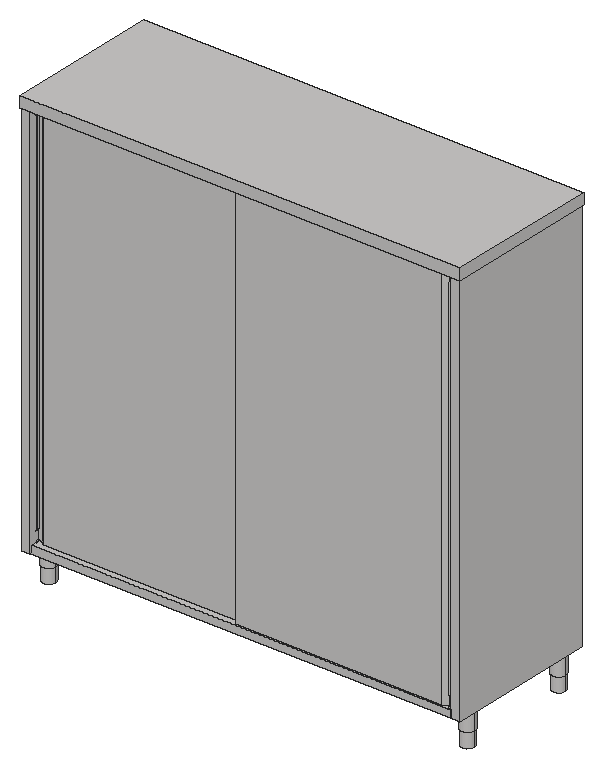
Revit family "QF_ZANUSSI_132802_MAS2000SPN", category Attrezzature speciali, Revit 2020
Family settings
  Quota connettore circolare = Usa diametro
  Tipo di parte = Normale
  Basato su piano di lavoro = No
  Sempre verticale = Sì
  Taglio con vuoti quando caricato = No
  Condiviso = No
  Punto di calcolo locali = No
Parameters (values of type "Standard")
  Weight = 140.00 kg
  Watts = 0 W
  Volts = 0 V
  URL Manufacturer = "http://www.zanussiprofessional.com"
  URL = "http://www.zanussiprofessional.com"
  Steam Supply Size = 0 mm
  Steam Supply Minimum Pressure = 0.0 Pa
  Steam Supply Maximum Pressure = 0.0 Pa
  Steam Consumption per Hour = 0
  Refrigeration Suction Line Size = 0.0 mm
  Refrigeration Liquid Line Size = 0.0 mm
  Refrigerant Compressor Remote = yes
  Prospetto di default = 0.0 mm
  Phase = 0
  Modello = "MAS2000SPN"
  Produttore = "Zanussi"
  Length Actual = 2000.0 mm  # constant formula
  Item Number = "132802"
  Hot Water Size = 0 mm
  Height Actual = 2000.0 mm  # constant formula
  HP = "0 HP"
  Gas Size = 0 mm
  Gas KW = 0
  Gas Input Pressure = 0 W
  Direct Waste Size = 0 mm
  Descrizione = "STORAGE CABINET+SHELVES+SLIDING D.2000MM"
  Depth Actual = 700.0 mm  # constant formula
  Cycle = 0 Hz
  Condensate Return Size = 0 mm
  Compressed Air Volume = 0.0 L/s
  Compressed Air Size = 0 mm
  Compressed Air Pressure = 0.0 Pa
  Cold Water Size = 0 mm
  Accessory = yes
Reference planes
  plane 1 "Center (Front/Back)": y = 0
  plane 2: z = 0
  plane 3 "Center (Left/Right)": x = -300
  plane 4 "LEFT": x = -1300
  plane 5 "RIGHT": x = 700
  plane 6 "BACK": y = 350
  plane 7 "FRONT": y = -350
  plane 8 "TOP": z = 2000
  plane 9: x = -1252
  plane 10: x = 652
  plane 11: y = 270
  plane 12: y = -247
  plane 13 "FEET": z = 150
  plane 14: x = -1254.5
  plane 15: y = -344.5
  plane 16: x = 654.5
  plane 17: x = -326.5
  plane 18: x = -273.5
  plane 19 "BaseTop": z = 1950
  plane 20: x = -1294.5
  plane 21: x = 694.5
  plane 22: y = 344.5
Forms (mm)
  Extrusion 1, solid, material "QF_Finishes_Stainless Steel"
    sketch origin (0, 0, 150) x (-1, 0, 0) y (0, -1, 0)
      loop
        line (1294.5, -350) -> (1294.5, 350) -> (1254.5, 350) -> (1254.5, -350) -> (1294.5, -350)
      loop
        line (-654.5, -350) -> (-654.5, 344.5) -> (-694.5, 344.5) -> (-694.5, -350) -> (-654.5, -350)
    from 0 to 1800
  Extrusion 2, solid, material "QF_Finishes_Stainless Steel"
    sketch origin (0, 0, 150) x (-1, 0, 0) y (0, -1, 0)
      loop
        line (1254.5, -347) -> (1254.5, 344.5) -> (-654.5, 344.5) -> (-654.5, -347) -> (1254.5, -347)
    from 0 to 35
  Extrusion 3, solid, material "QF_Finishes_Stainless Steel"
    sketch origin (33, 0, 150) x (-1, 0, 0) y (0, -1, 0)
      loop
        line (306.5, 324.5) -> (306.5, 304.5) -> (1285, 304.5) -> (1285, 319.071) -> (1277.942, 326.129) -> (1276.312, 324.5) -> (1283, 317.812) -> (1283, 309.5) -> (1266.034, 309.5) -> (1246.034, 324.5) -> (306.5, 324.5)
    from 1800 to 40
  Extrusion 4, void
    sketch origin (0, -350, 0) x (-1, 0, 0) y (0, 0, 1)
      loop
        line (1242.418, 247.973) -> (1242.418, 191.4) -> (1254.5, 191.4) -> (1254.5, 229.369) -> (1242.418, 247.973)
      loop
        line (1242.418, 1916.627) -> (1254.5, 1935.231) -> (1254.5, 1950) -> (1242.418, 1950) -> (1242.418, 1916.627)
    from 20.5 to 40.5
  Extrusion 5, solid, material "QF_Finishes_Stainless Steel"
    sketch origin (0, 0, 150) x (-1, 0, 0) y (0, -1, 0)
      loop
        line (-654.5, -350) -> (1254.5, -350) -> (1254.5, -327) -> (-654.5, -327) -> (-654.5, -350)
    from 1800 to 35
  Extrusion 6, solid, material "QF_Finishes_Stainless Steel"
    sketch origin (0, 0, 1950) x (-1, 0, 0) y (0, -1, 0)
      loop
        line (1300, 350) -> (-700, 350) -> (-700, -350) -> (1300, -350) -> (1300, 350)
    from 0 to 50
  Extrusion 7, solid, material "QF_Finishes_Stainless Steel"
    sketch origin (-633, 0, 150) x (1, 0, 0) y (0, 1, 0)
      loop
        line (306.5, -344.5) -> (1246.034, -344.5) -> (1266.034, -329.5) -> (1283, -329.5) -> (1283, -337.812) -> (1276.312, -344.5) -> (1277.942, -346.129) -> (1285, -339.071) -> (1285, -324.5) -> (306.5, -324.5) -> (306.5, -344.5)
    from 1800 to 40
  Extrusion 8, void
    sketch origin (-600, -350, 0) x (1, 0, 0) y (0, 0, -1)
      loop
        line (1242.418, -247.973) -> (1254.5, -229.369) -> (1254.5, -191.4) -> (1242.418, -191.4) -> (1242.418, -247.973)
      loop
        line (1242.418, -1916.627) -> (1242.418, -1950) -> (1254.5, -1950) -> (1254.5, -1935.231) -> (1242.418, -1916.627)
    from 2.538 to 20.5
Cuts and joins
  Extrusion 4, Extrusion 8 cuts Extrusion 3
  Extrusion 8 cuts Extrusion 1
  Extrusion 8 cuts Extrusion 7
Lines and regions (mm)
  symbolic lines, style "SpecialityEquipmentHiddenLines"
    curve 1: line (-1251.5, -324.5, 1600) -> (-1251.5, -329.5, 1600)
    curve 6: line (-1300, -350, 1950) -> (700, 350, 1950)
    curve 7: line (-326.5, -324.5, 200) -> (-326.5, -344.5, 200)
    curve 8: line (-1252, -304.5, 1950) -> (-273.5, -304.5, 1950)
    curve 9: line (-273.5, -304.5, 1950) -> (-273.5, -324.5, 1950)
    curve 10: line (-273.5, -324.5, 1950) -> (-1213.034, -324.5, 1950)
    curve 11: line (-1213.034, -324.5, 1950) -> (-1233.034, -309.5, 1950)
    curve 12: line (-1233.034, -309.5, 1950) -> (-1252, -309.5, 1950)
    curve 13: line (-1252, -309.5, 1950) -> (-1252, -304.5, 1950)
    curve 14: line (-326.5, -344.5, 1950) -> (613.034, -344.5, 1950)
    curve 15: line (613.034, -344.5, 1950) -> (633.034, -329.5, 1950)
    curve 16: line (633.034, -329.5, 1950) -> (652, -329.5, 1950)
    curve 17: line (652, -329.5, 1950) -> (652, -324.5, 1950)
    curve 18: line (652, -324.5, 1950) -> (-273.5, -324.5, 1950)
  symbolic lines, style "SpecialityEquipment"
    curve 2: line (-1300, 350, 1950) -> (700, 350, 1950)
    curve 3: line (-1300, -350, 1950) -> (-1300, 350, 1950)
    curve 4: line (700, -350, 1950) -> (-1300, -350, 1950)
    curve 5: line (700, 350, 1950) -> (700, -350, 1950)
Dimensions and locks
  plane 4 "LEFT" to plane 5 "RIGHT" = 2000.0 mm
  equal spacing: plane 4 "LEFT", plane 3 "Center (Left/Right)", plane 5 "RIGHT"
  plane 6 "BACK" to plane 7 "FRONT" = 700.0 mm
  equal spacing: plane 6 "BACK", plane 1 "Center (Front/Back)", plane 7 "FRONT"
  locked: plane 13 "FEET" to level at 150
  locked: plane 4 "LEFT" to plane 9 at 48
  locked: plane 10 to plane 5 "RIGHT" at 48
  locked: plane 6 "BACK" to plane 11 at 80
  locked: plane 12 to plane 7 "FRONT" at 103
  locked: plane 8 "TOP" to level at 2000
  locked: plane 17 to plane 18 at 53
  equal spacing: plane 17, plane 3 "Center (Left/Right)", plane 18
  locked: plane 8 "TOP" to plane 19 "BaseTop" at 50
  plane 4 "LEFT" to plane 20 = 5.5 mm
  locked: plane 20 to plane 14 at 40
  locked: plane 16 to plane 21 at 40
  locked: plane 21 to plane 5 "RIGHT" at 5.5
  plane 15 to plane 7 "FRONT" = 5.5 mm  (x2)
  plane 6 "BACK" to plane 22 = 5.5 mm
  aligned and locked: level to plane 2
  aligned and locked: plane 9 to nested 1
  aligned and locked: plane 10 to nested 2
  aligned and locked: nested 4 to plane 11
  aligned and locked: plane 9 to nested 3
  aligned and locked: nested 3 to plane 11
  aligned and locked: plane 6 "BACK" to Extrusion 1 sketch curve
  aligned and locked: Extrusion 1 sketch curve to plane 6 "BACK"
  aligned and locked: Extrusion 1 sketch curve to plane 7 "FRONT"
  aligned and locked: plane 14 to Extrusion 1
  aligned and locked: Extrusion 2 to plane 14
  aligned and locked: Extrusion 2 to plane 15
  aligned and locked: nested 1 to plane 12
  aligned and locked: nested 2 to plane 12
  aligned and locked: Extrusion 2 sketch curve to plane 16
  aligned and locked: plane 18 to Extrusion 3
  aligned and locked: nested 4 to nested 2
  aligned and locked: plane 16 to Extrusion 5
  aligned and locked: Extrusion 5 to plane 14
  aligned and locked: plane 19 "BaseTop" to Extrusion 3
  aligned and locked: plane 19 "BaseTop" to Extrusion 5
  aligned and locked: plane 19 "BaseTop" to cut or joined group of Extrusion 7, Extrusion 8
  aligned and locked: plane 19 "BaseTop" to cut or joined group of Extrusion 1, Extrusion 8
Automatic sketch dimensions
  Extrusion 1 sketch curve to plane 15 = 0.0 mm
  Extrusion 1 sketch curve to plane 21 = 0.0 mm
  Extrusion 1 sketch curve to plane 16 = 0.0 mm
  Extrusion 1 sketch curve to plane 14 = 0.0 mm
  Extrusion 1 sketch curve to plane 20 = 0.0 mm
  Extrusion 2 sketch curve to plane 14 = 0.0 mm
  Extrusion 2 sketch curve to plane 15 = 0.0 mm
  plane 22 to Extrusion 2 sketch curve = 2.5 mm
  Extrusion 3 sketch curve to plane 18 = 0.0 mm
  plane 15 to Extrusion 3 sketch curve = 20.0 mm  (x2)
  Extrusion 3 sketch curve to plane 9 = 0.0 mm
  plane 9 to Extrusion 3 sketch curve = 38.966 mm
  plane 9 to Extrusion 3 sketch curve = 18.966 mm
  plane 9 to Extrusion 3 sketch curve = 8.688 mm
  plane 15 to Extrusion 3 sketch curve = 18.371 mm
  Extrusion 3 sketch curve to Extrusion 3 sketch curve = 1.629 mm
  plane 9 to Extrusion 3 sketch curve = 2.0 mm
  plane 15 to Extrusion 3 sketch curve = 35.0 mm
  Extrusion 3 sketch curve to Extrusion 3 sketch curve = 5.0 mm
  plane 9 to curve 1 = 0.5 mm
  plane 15 to curve 1 = 15.0 mm
  curve 1 to curve 1 = 5.0 mm
  curve 7 to plane 15 = 0.0 mm
  curve 7 to plane 17 = 0.0 mm
  plane 15 to curve 7 = 20.0 mm
  Extrusion 5 sketch curve to plane 6 "BACK" = 0.0 mm
  Extrusion 5 sketch curve to plane 16 = 0.0 mm
  Extrusion 5 sketch curve to plane 14 = 0.0 mm
  plane 22 to Extrusion 5 sketch curve = 17.5 mm
  Extrusion 6 sketch curve to plane 5 "RIGHT" = 0.0 mm
  Extrusion 6 sketch curve to plane 4 "LEFT" = 0.0 mm
  Extrusion 6 sketch curve to plane 6 "BACK" = 0.0 mm
  Extrusion 6 sketch curve to plane 7 "FRONT" = 0.0 mm
  Extrusion 7 sketch curve to plane 17 = 0.0 mm
  Extrusion 7 sketch curve to plane 15 = 0.0 mm  (x2)
  Extrusion 7 sketch curve to plane 10 = 0.0 mm
  plane 10 to Extrusion 7 sketch curve = 38.966 mm
  plane 10 to Extrusion 7 sketch curve = 18.966 mm
  plane 10 to Extrusion 7 sketch curve = 8.688 mm
  plane 15 to Extrusion 7 sketch curve = 1.629 mm
  Extrusion 7 sketch curve to Extrusion 7 sketch curve = 1.629 mm
  plane 10 to Extrusion 7 sketch curve = 2.0 mm
  Extrusion 7 sketch curve to plane 15 = 15.0 mm
  Extrusion 7 sketch curve to Extrusion 7 sketch curve = 5.0 mm
  Extrusion 4 sketch curve to plane 19 "BaseTop" = 0.0 mm
  Extrusion 4 sketch curve to plane 14 = 0.0 mm  (x2)
  plane 9 to Extrusion 4 sketch curve = 9.582 mm  (x2)
  Extrusion 4 sketch curve to plane 19 "BaseTop" = 14.769 mm
  plane 13 "FEET" to Extrusion 4 sketch curve = 97.973 mm
  Extrusion 4 sketch curve to Extrusion 4 sketch curve = 18.604 mm  (x2)
  Extrusion 4 sketch curve to Extrusion 4 sketch curve = 37.969 mm
  Extrusion 8 sketch curve to plane 19 "BaseTop" = 0.0 mm
  plane 16 to Extrusion 8 sketch curve = 0.0 mm
  plane 10 to Extrusion 8 sketch curve = 9.582 mm  (x2)
  Extrusion 8 sketch curve to Extrusion 8 sketch curve = 18.604 mm  (x2)
  Extrusion 8 sketch curve to Extrusion 8 sketch curve = 37.969 mm
  Extrusion 8 sketch curve to plane 16 = 0.0 mm
  plane 19 "BaseTop" to Extrusion 8 sketch curve = 14.769 mm
  Extrusion 8 sketch curve to plane 13 "FEET" = 97.973 mm
  curve 6 to plane 5 "RIGHT" = 0.0 mm
  curve 17 to plane 10 = 0.0 mm
  curve 14 to plane 15 = 0.0 mm
  curve 10 to plane 18 = 0.0 mm
  curve 14 to plane 17 = 0.0 mm
  curve 12 to plane 9 = 0.0 mm
  curve 4 to plane 4 "LEFT" = 0.0 mm
  curve 2 to plane 6 "BACK" = 0.0 mm
  curve 5 to plane 7 "FRONT" = 0.0 mm
  curve 16 to plane 10 = 18.966 mm
  curve 15 to curve 14 = 20.0 mm
  plane 9 to curve 10 = 38.966 mm
  curve 12 to curve 12 = 18.966 mm
  curve 8 to curve 12 = 5.0 mm
  curve 8 to curve 10 = 20.0 mm
  plane 15 to curve 17 = 15.0 mm
  curve 17 to curve 16 = 5.0 mm
Nested families
  nested 1: "FEET_D60-150" at (-1252, -247, 0), type "FEET_D60-150"
  nested 2: "FEET_D60-150" at (652, -247, 0), type "FEET_D60-150"
  nested 3: "FEET_D60-150" at (-1252, 270, 0), type "FEET_D60-150"
  nested 4: "FEET_D60-150" at (652, 270, 0), type "FEET_D60-150"
Definition of nested family "FEET_D60-150"
  Parameters
    Default Elevation = 0.0 mm
    FEET = 150.0 mm
  Reference planes
    plane 1 "Center (Front/Back)": y = 0
    plane 2: z = 0
    plane 3 "Center (Left/Right)": x = 0
    plane 4: z = 150
  Forms (mm)
    Extrusion 1, solid
      sketch origin (0, 0, 0) x (1, 0, 0) y (0, 1, 0)
        loop
          circle (0, 0) r 28
      from 0 to 67
    Revolve 2, solid
      sketch origin (0, 0, 0) x (1, 0, 0) y (0, 0, 1)
        loop
          line (0, 0) -> (0, 150) -> (-32.939, 150) -> (-32.939, 67) -> (-30, 67) -> (-30, 0) -> (0, 0)
        axis (0, 150) -> (0, 0)
      angle from 0 to 360
  Lines and regions (mm)
    symbolic lines
      curve 1: line (0, -1.503, 0) -> (0, 1.508, 0)
      curve 2: line (1.561, 0, 0) -> (-1.439, 0, 0)
  Dimensions and locks
    "FEET": plane 4 to plane 2
    aligned and locked: level to plane 2
  Automatic sketch dimensions
    plane 1 "Center (Front/Back)" to Extrusion 1 sketch curve = 0.0 mm
    Extrusion 1 sketch curve to plane 3 "Center (Left/Right)" = 0.0 mm
    plane 1 "Center (Front/Back)" to curve 2 = 0.0 mm
    curve 1 to plane 3 "Center (Left/Right)" = 0.0 mm
    curve 2 to plane 3 "Center (Left/Right)" = 1.439 mm
    plane 3 "Center (Left/Right)" to curve 2 = 1.561 mm
    plane 1 "Center (Front/Back)" to curve 1 = 1.503 mm
    curve 1 to plane 1 "Center (Front/Back)" = 1.508 mm
    Revolve 2 sketch curve to plane 4 = 0.0 mm
    Revolve 2 sketch curve to level = 0.0 mm
    Revolve 2 sketch curve to plane 3 "Center (Left/Right)" = 0.0 mm  (x2)
    Revolve 2 sketch curve to plane 3 "Center (Left/Right)" = 30.0 mm
    Revolve 2 sketch curve to plane 3 "Center (Left/Right)" = 32.939 mm
    level to Revolve 2 sketch curve = 67.0 mm
    Revolve 2 sketch curve to level = 42.207 mm
    Revolve 2 sketch curve to Revolve 2 sketch curve = 10.0 mm
    radius of Extrusion 1 sketch curve = 28.0 mm
